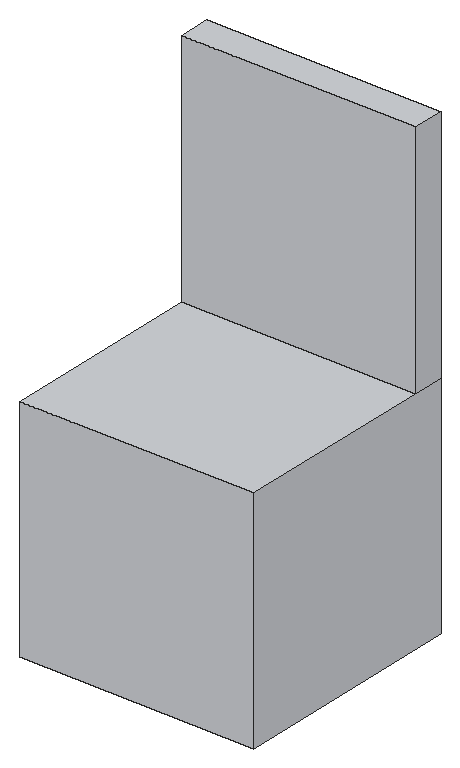
Revit family "LE Chair", category Furniture, Revit 2018
Family settings
  OmniClass Number = 23.40.20.00
  OmniClass Title = General Furniture and Specialties
  Work Plane-Based = No
  Always vertical = Yes
  Cut with Voids When Loaded = No
  Shared = No
  Room Calculation Point = No
Parameters (values of type "450mm Standard")
  Width = 450 mm
  URL = "https://studiole.uk"
  Seat Height = 440 mm
  Manufacturer = "LE"
  Depth = 450 mm
  Chair Material = none
  Back Height = 900 mm
Reference planes
  plane 1 "Center (Front/Back)": y = 0
  plane 2: z = 0
  plane 3 "Center (Left/Right)": x = 0
  plane 4 "Left": x = -225
  plane 5 "Right": x = 225
  plane 6 "Back": y = 225
  plane 7 "Front": y = -225
  plane 8 "Center L/T": y = 165
Forms (mm)
  Extrusion 1, solid, material <- "Chair Material"
    sketch origin (0, 0, 0) x (1, 0, 0) y (0, 1, 0)
      loop
        line (-225, 225) -> (-225, -225) -> (225, -225) -> (225, 225) -> (-225, 225)
    from 0 to 440 <- "Seat Height"
  Extrusion 2, solid, material <- "Chair Material"
    sketch origin (0, 0, 0) x (1, 0, 0) y (0, 1, 0)
      loop
        line (-225, 165) -> (225, 165) -> (225, 225) -> (-225, 225) -> (-225, 165)
    from 440 <- "Seat Height" to 900 <- "Back Height"
Dimensions and locks
  equal spacing: plane 4 "Left", plane 3 "Center (Left/Right)", plane 5 "Right"
  "Width": plane 4 "Left" to plane 5 "Right"
  "Depth": plane 7 "Front" to plane 6 "Back"
  equal spacing: plane 7 "Front", plane 1 "Center (Front/Back)", plane 6 "Back"
  plane 6 "Back" to plane 8 "Center L/T" = 60 mm
  aligned and locked: level to plane 2
Automatic sketch dimensions
  Extrusion 1 sketch curve to plane 4 "Left" = 0 mm
  Extrusion 1 sketch curve to plane 5 "Right" = 0 mm
  plane 7 "Front" to Extrusion 1 sketch curve = 0 mm
  Extrusion 1 sketch curve to plane 6 "Back" = 0 mm
  Extrusion 2 sketch curve to plane 4 "Left" = 0 mm
  Extrusion 2 sketch curve to plane 5 "Right" = 0 mm
  Extrusion 2 sketch curve to plane 8 "Center L/T" = 0 mm
  Extrusion 2 sketch curve to plane 6 "Back" = 0 mm
